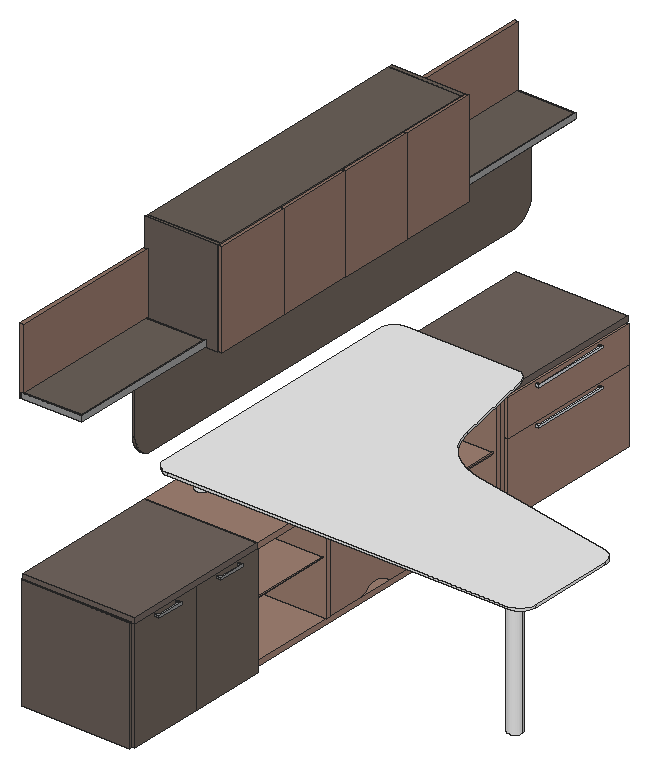
Revit family "T100103", category Furniture, Revit 2022
Family settings
  OmniClass Number = 23.40.20.00
  OmniClass Title = General Furniture and Specialties
  Work Plane-Based = No
  Always vertical = Yes
  Cut with Voids When Loaded = No
  Render Appearance Source = Family Geometry
  Shared = No
  Room Calculation Point = No
Parameters
  URL = "https://ofs.com/"
  Model = "T200054\r\nT200054\r\nT200054\r\nT200054"
  Manufacturer = "OFS"
  Description = "OFS Typical T200054"
  Default Elevation = 0"
  Catalog = "https://ofs.com/typical/t200054"
  Authoring Version = "Autodesk Revit Architecture 2015"
  Assembly Code = "E2020400"
Reference planes (in)
  plane 1 "Center (Front/Back)": y = 0
  plane 2: z = 0
  plane 3 "Center (Left/Right)": x = 0
Dimensions and locks (in)
  aligned and locked: level to plane 2
Nested families (in)
  nested 1: "OFS STAKS HEIGHT ADJUSTABLE SWEEP TOP DESK 74x60 Top 22D Cabinet" at (-24, 0, 0) x (0, 1, 0) z (0, 0, 1), type "HA Sweep Top Desk 74x60 Left w 22D Cabinet"
    with Worksurface Height 27", Right Column no, Right 4H4 no, Leg Caps Material OFS STAKS Leg Caps Material, Left Column yes, Left 4H4 no, H4H Height Adjustable Panel Base Option yes, Columns Finish OFS STAKS Columns Material, Chassis Finish OFS STAKS Veneer Board Material
  nested 2: "OFS STAKS Rectangular Worksurface 22 Depth Long Grain" at (-38.83365, 22.44502, -6) x (0, 1, 0) z (0, 0, 1), type "Rectangular Worksurface 30" Width"
  nested 3: "OFS STAKS Rectangular Worksurface 22 Depth Long Grain" at (-38.83365, -22.32002, -6) x (0, -1, 0) z (0, 0, 1), type "Rectangular Worksurface 30" Width"
  nested 4: "STAKS LOW HEIGHT DOOR CABINET - NO RISER SUPPORT" at (-16.99965, -23.89789, 0) x (0, -1, 0) z (0, 0, 1), type "STAKS LOW HEIGHT DOOR CABINET - NO RISER SUPPORT 30 x 22"
  nested 5: "OFS STAKS File Pedestal No Riser Support 30 Width" at (-38.83365, 25.44327, 0) x (0, 1, 0) z (0, 0, 1), type "Low Height Tray/File Pedestal No Riser Support 16.375" Depth"
    with Depth 22"
  nested 6: "STAKS WALLMOUNT ORGANIZER WITH DOORS Four Doors" at (-38.07585, -27.05499, 0.625) x (0, 1, 0) z (0, 0, 1), type "STAKS WALLMOUNT ORGANIZER WITH DOORS Four Doors 60in W"
    with Height Above Floor 71 1/2", 2D Symbol Lines yes
  nested 7: "STAKS TRANSACTION COUNTER 30in" at (-38.26334, 17.94502, 25.125) x (0, 1, 0) z (0, 0, 1), type "STAKS TRANSACTION COUNTER 30in"
  nested 8: "STAKS TRANSACTION COUNTER 30in" at (-38.26334, -17.94502, 25.125) x (0, -1, 0) z (0, 0, 1), type "STAKS TRANSACTION COUNTER 30in"
  nested 9: "STAKS FABRIC TACKBOARD WITH ROUNDED CORNERS FOR SPINE OR DIVIDER WALL" at (-38.70074, -40.58624, 7.625) x (0, 1, 0) z (0, 0, 1), type "STAKS FABRIC TACKBOARD WITH ROUNDED CORNERS FOR SPINE OR DIVIDER WALL 18H x 74-96W"
    with Height Above Floor 41 1/2", Width 96"
Definition of nested family "OFS STAKS HEIGHT ADJUSTABLE SWEEP TOP DESK 74x60 Top 22D Cabinet"
  Parameters (values of type "HA Sweep Top Desk 74x60 Right w 22D Cabinet")
    Worksurface Finish = none
    Width = 60"
    URL = "https://ofs.com/"
    Shelves Finish = none
    Right Column [instance] = no
    Right 4H4 [instance] = yes
    Right = yes
    Leg Caps Material [instance] = none
    Left Column [instance] = no
    Left 4H4 [instance] = no
    Left = no
    H4H Height Adjustable Panel Base Option [instance] = yes
    Depth = 74"
    Model = "6-7460HASWTR"
    Manufacturer = "OFS"
    Height = 1 3/16"
    Description = "OFS STAKS HEIGHT ADJUSTABLE SWEEP TOP DESK Right Sided, 60\"W x 22\"D Low Height Cabinet, 72\"W x 58\"D Worksurface"
    Default Elevation = 0"
    Copyright © = "©OFS 2021"
    Columns Finish [instance] = none
    Chassis Finish [instance] = none
    Catalog = "https://ofs.com/products/casegoods/private-office/staks"
    Worksurface Height [instance] = 27"
    Cabinet Storage Approach = none
    Authoring Version = "Autodesk Revit Architecture 2015"
    Assembly Code = "E2020200"
  Types (3): name | Right 4H4 | Right | Left 4H4 | Left | Model | Description
    (no name) | yes | yes | no | no | "6-7460HASWTR" | "OFS STAKS HEIGHT ADJUSTABLE SWEEP TOP DESK Right Sided, 60\"W x 22\"D Low Height Cabinet, 72\"W x 58\"D Worksurface"
    HA Sweep Top Desk 74x60 Left w 22D Cabinet | no | no | yes | yes | "6-7460HASWTL" | "OFS STAKS HEIGHT ADJUSTABLE SWEEP TOP DESK Left Sided, 60\"W x 22\"D Low Height Cabinet, 72\"W x 58\"D Worksurface"
    HA Sweep Top Desk 74x60 Right w 22D Cabinet | yes | yes | no | no | "6-7460HASWTR" | "OFS STAKS HEIGHT ADJUSTABLE SWEEP TOP DESK Right Sided, 60\"W x 22\"D Low Height Cabinet, 72\"W x 58\"D Worksurface"
  Reference planes (in)
    plane 1 "Back End": y = 13
    plane 2: z = 0
    plane 3 "Center Left/Right": x = 0
    plane 4 "Left End": x = -30
    plane 5 "Front End": y = -61
    plane 6 "Right End": x = 30
    plane 7 "Height Top": z = 28.1875
    plane 8: z = 27
    plane 9 "Center Front/Back": y = -24
    plane 10: z = 24.625
    plane 11: z = 22.25
    plane 12: z = 26.875
  Forms (in)
    Extrusion 1, solid, material <- "Columns Finish", visible <- "Right"
      sketch origin (-24, -25.75, 0) x (0, 1, 0) y (-1, 0, 0)
        loop
          circle (-24.4997, -43.08789) r 1.125
      from 24.625 to 26.875
    Extrusion 2, solid, material <- "Columns Finish", visible <- "Right"
      sketch origin (-24, -25.75, 0) x (0, 1, 0) y (-1, 0, 0)
        loop
          circle (-24.4997, -43.08789) r 1.25
      from 22.25 to 24.625
    Extrusion 3, solid, material <- "Columns Finish", visible <- "Right Column"
      sketch origin (-24, -25.75, 0) x (0, 1, 0) y (-1, 0, 0)
        loop
          circle (-24.4997, -43.08789) r 1.375
      from 0 to 22.25
    Extrusion 4, solid, material <- "Columns Finish"
      sketch origin (-24, -19.75, 0) x (0, 1, 0) y (-1, 0, 0)
        loop
          line (24, -44) -> (24, -50) -> (30, -50) -> (30, -44) -> (24, -44)
        loop
          line (24, -4) -> (30, -4) -> (30, 2) -> (24, 2) -> (24, -4)
      from 26.875 to 27
    Extrusion 5, solid, material <- "Columns Finish"
      sketch origin (-21.08789, 26.75266, 0) x (0, 1, 0) y (-1, 0, 0)
        loop
          circle (-18.4997, -43.08789) r 1.125
      from 24.625 to 26.875
    Extrusion 6, solid, material <- "Columns Finish"
      sketch origin (-21.08789, 26.75266, 0) x (0, 1, 0) y (-1, 0, 0)
        loop
          circle (-18.4997, -43.08789) r 1.25
      from 22.25 to 24.625
    Extrusion 7, solid, material <- "Columns Finish"
      sketch origin (-21.08789, 26.75266, 0) x (0, 1, 0) y (-1, 0, 0)
        loop
          circle (-18.4997, -43.08789) r 1.375
      from 2.375 to 22.25
    Extrusion 8, solid, material <- "Columns Finish"
      sketch origin (-53.08789, 26.75266, 0) x (0, 1, 0) y (-1, 0, 0)
        loop
          circle (-18.4997, -31.08789) r 1.125
      from 24.625 to 26.875
    Extrusion 9, solid, material <- "Columns Finish"
      sketch origin (-53.08789, 26.75266, 0) x (0, 1, 0) y (-1, 0, 0)
        loop
          circle (-18.4997, -31.08789) r 1.25
      from 22.25 to 24.625
    Extrusion 10, solid, material <- "Columns Finish"
      sketch origin (-53.08789, 26.75266, 0) x (0, 1, 0) y (-1, 0, 0)
        loop
          circle (-18.4997, -31.08789) r 1.375
      from 2.375 to 22.25
    Extrusion 11, solid, material <- "Columns Finish", visible <- "Right"
      sketch origin (-24, -25.75, 0) x (0, 1, 0) y (-1, 0, 0)
        loop
          line (-26.4997, -40.08789) -> (-26.4997, -46.08789) -> (-20.4997, -46.08789) -> (-20.4997, -40.08789) -> (-26.4997, -40.08789)
      from 26.875 to 27
    Extrusion 12, solid, material <- "Columns Finish", visible <- "Left"
      sketch origin (24, -25.75, 0) x (0, 1, 0) y (-1, 0, 0)
        loop
          circle (-24.4997, 43.08789) r 1.125
      from 24.625 to 26.875
    Extrusion 13, solid, material <- "Columns Finish", visible <- "Left"
      sketch origin (24, -25.75, 0) x (0, 1, 0) y (-1, 0, 0)
        loop
          circle (-24.4997, 43.08789) r 1.25
      from 22.25 to 24.625
    Extrusion 14, solid, material <- "Columns Finish", visible <- "Left Column"
      sketch origin (24, -25.75, 0) x (0, 1, 0) y (-1, 0, 0)
        loop
          circle (-24.4997, 43.08789) r 1.375
      from 0 to 22.25
    Extrusion 15, solid, material <- "Columns Finish", visible <- "Left"
      sketch origin (24, -25.75, 0) x (0, 1, 0) y (-1, 0, 0)
        loop
          line (-26.4997, 40.08789) -> (-20.4997, 40.08789) -> (-20.4997, 46.08789) -> (-26.4997, 46.08789) -> (-26.4997, 40.08789)
      from 26.875 to 27
  Dimensions and locks (in)
    "Height": plane 7 "Height Top" to plane 8
    "Worksurface Height": plane 8 to level
    "Depth": plane 5 "Front End" to plane 1 "Back End"
    equal spacing: plane 4 "Left End", plane 3 "Center Left/Right", plane 6 "Right End"
    "Width": plane 4 "Left End" to plane 6 "Right End"
    equal spacing: plane 5 "Front End", plane 9 "Center Front/Back", plane 1 "Back End"
    locked: plane 11 to level at 22.25
    equal spacing: plane 8, plane 10, plane 11
    locked: plane 8 to plane 12 at 0.125
    aligned and locked: level to plane 2
    aligned and locked: plane 7 "Height Top" to nested 2
    aligned and locked: plane 8 to Extrusion 15
    aligned and locked: Extrusion 4 to plane 8
    aligned and locked: Extrusion 11 to plane 8
    aligned and locked: plane 12 to Extrusion 11
    aligned and locked: Extrusion 4 to plane 12
    aligned and locked: Extrusion 15 to plane 12
    aligned and locked: plane 12 to Extrusion 12
    aligned and locked: plane 12 to Extrusion 8
    aligned and locked: Extrusion 1 to plane 12
    aligned and locked: Extrusion 5 to plane 12
    aligned and locked: Extrusion 2 to plane 10
    aligned and locked: plane 10 to Extrusion 1
    aligned and locked: Extrusion 6 to plane 10
    aligned and locked: plane 10 to Extrusion 5
    aligned and locked: plane 10 to Extrusion 13
    aligned and locked: Extrusion 12 to plane 10
    aligned and locked: plane 10 to Extrusion 9
    aligned and locked: Extrusion 8 to plane 10
    aligned and locked: nested 5 to plane 7 "Height Top"
  Automatic sketch dimensions
    plane 5 "Front End" to Extrusion 1 sketch curve = 10.7503"
    plane 6 "Right End" to Extrusion 1 sketch curve = 10.91211"
    Extrusion 2 sketch curve to Extrusion 2 sketch curve = 0"  (x2)
    plane 5 "Front End" to Extrusion 2 sketch curve = 10.7503"
    plane 6 "Right End" to Extrusion 2 sketch curve = 10.91211"
    Extrusion 2 sketch curve to Extrusion 2 sketch curve = 1 1/4"
    Extrusion 3 sketch curve to Extrusion 3 sketch curve = 0"  (x2)
    plane 5 "Front End" to Extrusion 3 sketch curve = 10.7503"
    plane 6 "Right End" to Extrusion 3 sketch curve = 10.91211"
    Extrusion 3 sketch curve to Extrusion 3 sketch curve = 1 3/8"
    plane 1 "Back End" to Extrusion 4 sketch curve = 8 3/4"  (x2)
    plane 4 "Left End" to Extrusion 4 sketch curve = 4"
    plane 1 "Back End" to Extrusion 4 sketch curve = 2 3/4"  (x2)
    Extrusion 4 sketch curve to Extrusion 4 sketch curve = 6"
    plane 6 "Right End" to Extrusion 4 sketch curve = 10"
    plane 6 "Right End" to Extrusion 4 sketch curve = 4"
    plane 1 "Back End" to Extrusion 5 sketch curve = 4.74705"
    plane 6 "Right End" to Extrusion 5 sketch curve = 8"
    Extrusion 6 sketch curve to Extrusion 6 sketch curve = 0"  (x2)
    plane 1 "Back End" to Extrusion 6 sketch curve = 4.74705"
    plane 6 "Right End" to Extrusion 6 sketch curve = 8"
    Extrusion 6 sketch curve to Extrusion 6 sketch curve = 1 1/4"
    Extrusion 7 sketch curve to Extrusion 7 sketch curve = 0"  (x2)
    plane 1 "Back End" to Extrusion 7 sketch curve = 4.74705"
    plane 6 "Right End" to Extrusion 7 sketch curve = 8"
    Extrusion 7 sketch curve to Extrusion 7 sketch curve = 1 3/8"
    plane 1 "Back End" to Extrusion 8 sketch curve = 4.74705"
    plane 4 "Left End" to Extrusion 8 sketch curve = 8"
    Extrusion 9 sketch curve to Extrusion 9 sketch curve = 0"  (x2)
    plane 1 "Back End" to Extrusion 9 sketch curve = 4.74705"
    plane 4 "Left End" to Extrusion 9 sketch curve = 8"
    Extrusion 9 sketch curve to Extrusion 9 sketch curve = 1 1/4"
    Extrusion 10 sketch curve to Extrusion 10 sketch curve = 0"  (x2)
    plane 1 "Back End" to Extrusion 10 sketch curve = 4.74705"
    plane 4 "Left End" to Extrusion 10 sketch curve = 8"
    Extrusion 10 sketch curve to Extrusion 10 sketch curve = 1 3/8"
    plane 5 "Front End" to Extrusion 11 sketch curve = 8.7503"
    Extrusion 11 sketch curve to Extrusion 11 sketch curve = 6"  (x2)
    plane 6 "Right End" to Extrusion 11 sketch curve = 7.91211"
    Extrusion 12 sketch curve to plane 5 "Front End" = 10.7503"
    Extrusion 12 sketch curve to plane 4 "Left End" = 10.91211"
    Extrusion 13 sketch curve to Extrusion 13 sketch curve = 0"  (x2)
    Extrusion 13 sketch curve to plane 5 "Front End" = 10.7503"
    Extrusion 13 sketch curve to plane 4 "Left End" = 10.91211"
    Extrusion 13 sketch curve to Extrusion 13 sketch curve = 1 1/4"
    Extrusion 14 sketch curve to Extrusion 14 sketch curve = 0"  (x2)
    Extrusion 14 sketch curve to plane 5 "Front End" = 10.7503"
    Extrusion 14 sketch curve to plane 4 "Left End" = 10.91211"
    Extrusion 14 sketch curve to Extrusion 14 sketch curve = 1 3/8"
    Extrusion 15 sketch curve to plane 5 "Front End" = 8.7503"
    Extrusion 15 sketch curve to Extrusion 15 sketch curve = 6"  (x2)
    Extrusion 15 sketch curve to plane 4 "Left End" = 7.91211"
    radius of Extrusion 1 sketch curve = 1 1/8"
    radius of Extrusion 5 sketch curve = 1 1/8"
    radius of Extrusion 8 sketch curve = 1 1/8"
    radius of Extrusion 12 sketch curve = 1 1/8"
  Nested families (in)
    nested 1: "Aptos Modular Low Height Cabinets" at (0, 13, 0), Chassis Finish <- "Chassis Finish", Leg Caps Material <- "Leg Caps Material", Column Finish <- "Columns Finish", Worksurface Approach Finish <- "Worksurface Finish", Shelf Finish <- "Shelves Finish", Cabinet Storage Approach Finish <- "Cabinet Storage Approach", type "APTOS HEIGHT ADJUSTABLE SWEEP TOP DESK"
      with Worksurface Approach Finish none, Shelf Finish none, Leg Caps Material none, Column Finish none, Chassis Finish none, Cabinet Storage Approach Finish none, Width 60"
    nested 2: "APTOS SWEEP ELEVATED RUNOFF WORKSURFACE RIGHT - WOOD TOP for 18D Cabinets" at (-24, -23.7503, -1.3125) x (0, 1, 0) z (0, 0, 1), visible <- "Right", type "APTOS SWEEP ELEVATED RUNOFF WORKSURFACE 66" x 52" RIGHT OPEN END - WOOD TOP"
    nested 3: "H4H" at (-19, -53.25, 0) x (-1, 0, 0) z (0, 0, 1), visible <- "Left 4H4", Column Material <- "Columns Finish", Board Material <- "Chassis Finish", Leg Caps Material <- "Leg Caps Material", type "H4H"
      with Leg Caps Material none, Column Material none, Board Material none
    nested 4: "H4H" at (19, -53.25, 0), visible <- "Right 4H4", Column Material <- "Columns Finish", Board Material <- "Chassis Finish", Leg Caps Material <- "Leg Caps Material", type "H4H"
      with Leg Caps Material none, Column Material none, Board Material none
    nested 5: "APTOS SWEEP ELEVATED RUNOFF WORKSURFACE RIGHT - WOOD TOP for 18D Cabinets" at (24, -23.7503, -1.3125) x (0, 1, 0) z (0, 0, 1), visible <- "Left", type "APTOS SWEEP ELEVATED RUNOFF WORKSURFACE 66" x 52" RIGHT OPEN END - WOOD TOP"
  Definition of nested family "Aptos Modular Low Height Cabinets"
    Parameters (values of type "APTOS HEIGHT ADJUSTABLE SWEEP TOP DESK")
      Width = 54"
      URL = "http://ofsbrands.com"
      Top Board, Back Offset = 0"
      Shelf Finish [instance] = none
      Shelf Height = 10 9/16"
      Default Elevation = 0"
      Cabinet Storage Approach Finish [instance] = none
      Drawer Width = 14 3/4"
      Drawer Gap = 7/8"
      Worksurface Approach Finish [instance] = none
      Column Finish [instance] = none
      Box Width = 22 3/4"
      Bottom Drawer Height = 12"
      Board Thick Door = 1"
      Depth = 22"
      Chassis Finish [instance] = none
      Model = ""
      Manufacturer = "OFS"
      Leg Caps Material [instance] = none
      Leg Offset = 2"
      Board Thick Internal = 3/4"
      Height = 22 7/8"
      Description = "OFS BRANDS OFS APTOS"
      Copyright © = "© OFS BRANDS 2017"
      Catalog = "APTOS http://ofsbrands.com/products/casegoods/private-office/aptos"
      Bottom Board Offset = 1/2"
      Board Thick Top and Bot = 1"
      Board Thick Shelfs = 3/4"
      Board Thick Sides = 3/4"
      Board Thick Front = 3/4"
      Board Thick Back = 3/4"
      Authoring Version = "Autodesk Revit Architecture 2013"
      Assembly Code = "E2020200"
    Reference planes (in)
      plane 1 "Center Front/Back": y = 0
      plane 2: z = 0
      plane 3 "Center Left/Right": x = 0
      plane 4 "Left End": x = -27
      plane 5 "Front End": y = -21
      plane 6 "Right End": x = 27
      plane 7 "Back End": y = 0
      plane 8 "Height Top": z = 22.875
      plane 9: x = -26.25
      plane 10: x = 26.25
      plane 11: z = 11.3125
      plane 12: z = 12.0625
      plane 13: z = 21.875
      plane 14: z = 0.5
      plane 15: z = 1.5
      plane 16: y = -20.25
      plane 17: y = -2
      plane 18: y = -2
      plane 19: y = -19
      plane 20: y = -19
      plane 21: x = -25
      plane 22: x = 25
      plane 23: x = 25
      plane 24: x = -25
      plane 25: x = -12.125
      plane 26: x = -11.375
      plane 27: y = -22
      plane 28: y = -0.75
      plane 29: x = 12.125
      plane 30: x = 11.375
      plane 31: y = 0
      plane 32: y = -2.75
    Forms (in)
      Extrusion 1, solid, material <- "Chassis Finish"
        sketch origin (0, 0, 0) x (1, 0, 0) y (0, 1, 0)
          loop
            line (-27, 0) -> (-27, -21) -> (-26.25, -21) -> (-26.25, 0) -> (-27, 0)
        from 0.5 to 21.875
      Extrusion 2, solid, material <- "Chassis Finish"
        sketch origin (0, 0, 0) x (-1, 0, 0) y (0, -1, 0)
          loop
            line (-27, 0) -> (-26.25, 0) -> (-26.25, 21) -> (-27, 21) -> (-27, 0)
        from 0.5 to 21.875
      Extrusion 3, solid, material <- "Chassis Finish"
        sketch origin (0, 0, 0) x (1, 0, 0) y (0, 1, 0)
          loop
            line (-26.25, 0) -> (-26.25, -21) -> (26.25, -21) -> (26.25, 0) -> (-26.25, 0)
        from 0.5 to 1.5
      Extrusion 4, solid, material <- "Chassis Finish"
        sketch origin (0, 0, 0) x (1, 0, 0) y (0, 1, 0)
          loop
            line (-27, 0) -> (-27, -22) -> (27, -22) -> (27, 0) -> (-27, 0)
        from 21.875 to 22.875
      Revolve 5, solid, material <- "Leg Caps Material"
        sketch origin (0, -2, 0) x (-1, 0, 0) y (0, 0, 1)
          loop
            line (24, 0.28743) -> (24.5, 0.28743)
            arc (24.5, 0.28743) -> (24.35629, 0.14371) -> (24.5, 0) r 0.14371
            line (24.5, 0) -> (25, 0) -> (25, 0.5) -> (24, 0.5) -> (24, 0.28743)
          axis (25, 0.5) -> (25, 0)
        angle from 0 to 360
      Revolve 6, solid, material <- "Leg Caps Material"
        sketch origin (0, -2, 0) x (1, 0, 0) y (0, 0, -1)
          loop
            line (24, -0.28743) -> (24, -0.5) -> (25, -0.5) -> (25, 0) -> (24.5, 0)
            arc (24.5, 0) -> (24.35629, -0.14371) -> (24.5, -0.28743) r 0.14371
            line (24.5, -0.28743) -> (24, -0.28743)
          axis (25, -0.5) -> (25, 0)
        angle from 0 to 360
      Revolve 7, solid, material <- "Leg Caps Material"
        sketch origin (0, -19, 0) x (-1, 0, 0) y (0, 0, -1)
          loop
            line (24, -0.28743) -> (24, -0.5) -> (25, -0.5) -> (25, 0) -> (24.5, 0)
            arc (24.5, 0) -> (24.35629, -0.14371) -> (24.5, -0.28743) r 0.14371
            line (24.5, -0.28743) -> (24, -0.28743)
          axis (25, -0.5) -> (25, 0)
        angle from 0 to 360
      Revolve 8, solid, material <- "Leg Caps Material"
        sketch origin (0, -19, 0) x (1, 0, 0) y (0, 0, 1)
          loop
            line (24, 0.28743) -> (24.5, 0.28743)
            arc (24.5, 0.28743) -> (24.35629, 0.14371) -> (24.5, 0) r 0.14371
            line (24.5, 0) -> (25, 0) -> (25, 0.5) -> (24, 0.5) -> (24, 0.28743)
          axis (25, 0.5) -> (25, 0)
        angle from 0 to 360
      Extrusion 9, solid, material <- "Chassis Finish"
        sketch origin (0, 0, 0) x (1, 0, 0) y (0, 1, 0)
          loop
            line (-12.125, -0.75) -> (-12.125, -21) -> (-11.375, -21) -> (-11.375, -0.75) -> (-12.125, -0.75)
        from 1.5 to 21.875
      Revolve 10, solid, material <- "Leg Caps Material"
        sketch origin (-28, -2, 0) x (1, 0, 0) y (0, 0, -1)
          loop
            line (27, -0.28743) -> (27, -0.5) -> (28, -0.5) -> (28, 0) -> (27.5, 0)
            arc (27.5, 0) -> (27.35629, -0.14371) -> (27.5, -0.28743) r 0.14371
            line (27.5, -0.28743) -> (27, -0.28743)
          axis (28, -0.5) -> (28, 0)
        angle from 0 to 360
      Revolve 11, solid, material <- "Leg Caps Material"
        sketch origin (-28, -19, 0) x (1, 0, 0) y (0, 0, 1)
          loop
            line (27, 0.28743) -> (27.5, 0.28743)
            arc (27.5, 0.28743) -> (27.35629, 0.14371) -> (27.5, 0) r 0.14371
            line (27.5, 0) -> (28, 0) -> (28, 0.5) -> (27, 0.5) -> (27, 0.28743)
          axis (28, 0.5) -> (28, 0)
        angle from 0 to 360
      Extrusion 12, solid, material <- "Chassis Finish"
        sketch origin (0, 0, 0) x (-1, 0, 0) y (0, -1, 0)
          loop
            line (-12.125, 0.75) -> (-11.375, 0.75) -> (-11.375, 21) -> (-12.125, 21) -> (-12.125, 0.75)
        from 1.5 to 21.875
      Extrusion 13, solid, material <- "Chassis Finish"
        sketch origin (0, 13.5, 0) x (1, 0, 0) y (0, 1, 0)
          loop
            line (11.375, -15.5) -> (-11.375, -15.5) -> (-11.375, -16.25) -> (11.375, -16.25) -> (11.375, -15.5)
        from 1.5 to 21.875
      Extrusion 14, solid, material <- "Chassis Finish"
        sketch origin (-0.25, 27.875, 0) x (-1, 0, 0) y (0, -1, 0)
          loop
            line (-26.5, 27.875) -> (26, 27.875) -> (26, 28.625) -> (-26.5, 28.625) -> (-26.5, 27.875)
        from 1.5 to 21.875
      Extrusion 15, solid, material <- "Shelf Finish"
        sketch origin (-21, 0, 0) x (0, 1, 0) y (0, 0, -1)
          loop
            line (-2.75, -12.0625) -> (-2.75, -11.3125) -> (-19.75, -11.3125) -> (-20.25, -11.8125) -> (-20.25, -12.0625) -> (-2.75, -12.0625)
        from -8.875 to 5.25
      Extrusion 16, solid, material <- "Shelf Finish"
        sketch origin (21, 0, 0) x (0, 1, 0) y (0, 0, 1)
          loop
            line (-2.75, 12.0625) -> (-20.25, 12.0625) -> (-20.25, 11.8125) -> (-19.75, 11.3125) -> (-2.75, 11.3125) -> (-2.75, 12.0625)
        from -8.875 to 5.25
      Extrusion 17, solid, material <- "Cabinet Storage Approach Finish"
        sketch origin (0, 0, 0) x (1, 0, 0) y (0, 0, 1)
          loop
            line (-11.375, 21.875) -> (-11.375, 1.5) -> (-4.67423, 1.5)
            arc (-4.67423, 1.5) -> (-3.42989, 1.69847) -> (-2.30903, 2.27419) r 4
            arc (-2.30903, 2.27419) -> (0, 3.03) -> (2.30903, 2.27419) r 3.905
            arc (2.30903, 2.27419) -> (3.42989, 1.69847) -> (4.67423, 1.5) r 4
            line (4.67423, 1.5) -> (11.375, 1.5) -> (11.375, 21.875) -> (4.67423, 21.875)
            arc (4.67423, 21.875) -> (3.42989, 21.67653) -> (2.30903, 21.10081) r 4
            arc (2.30903, 21.10081) -> (0, 20.345) -> (-2.30903, 21.10081) r 3.905
            arc (-2.30903, 21.10081) -> (-3.42989, 21.67653) -> (-4.67423, 21.875) r 4
            line (-4.67423, 21.875) -> (-11.375, 21.875)
        from 20.25 to 21
    Dimensions and locks (in)
      equal spacing: plane 4 "Left End", plane 3 "Center Left/Right", plane 6 "Right End"
      "Width": plane 4 "Left End" to plane 6 "Right End"
      "Height": plane 8 "Height Top" to level
      "Board Thick Sides": plane 4 "Left End" to plane 9
      "Board Thick Sides": plane 10 to plane 6 "Right End"
      "Board Thick Top and Bot": plane 8 "Height Top" to plane 13
      "Board Thick Shelfs": plane 12 to plane 11
      "Board Thick Top and Bot": plane 15 to plane 14
      "Bottom Board Offset": plane 14 to level
      "Board Thick Front": plane 16 to plane 5 "Front End"
      "Leg Offset": plane 19 to plane 5 "Front End"
      "Leg Offset": plane 20 to plane 5 "Front End"
      "Leg Offset": plane 17 to plane 7 "Back End"
      "Leg Offset": plane 18 to plane 7 "Back End"
      "Leg Offset": plane 4 "Left End" to plane 21
      "Leg Offset": plane 22 to plane 6 "Right End"
      "Leg Offset": plane 23 to plane 6 "Right End"
      "Leg Offset": plane 4 "Left End" to plane 24
      "Board Thick Internal": plane 25 to plane 26
      "Board Thick Door": plane 27 to plane 5 "Front End"
      "Shelf Height": plane 12 to plane 15
      "Board Thick Back": plane 28 to plane 1 "Center Front/Back"
      "Depth": plane 27 to plane 1 "Center Front/Back"
      "Board Thick Internal": plane 29 to plane 30
      equal spacing: plane 26, plane 3 "Center Left/Right", plane 30
      "Box Width": plane 26 to plane 30
      "Top Board, Back Offset": plane 31 to plane 7 "Back End"
      "Board Thick Internal": plane 18 to plane 32
      aligned and locked: level to plane 2
      aligned and locked: plane 5 "Front End" to Extrusion 1 sketch curve
      aligned and locked: plane 4 "Left End" to Extrusion 1 sketch curve
      aligned and locked: Extrusion 1 sketch curve to plane 9
      aligned and locked: Extrusion 2 to plane 5 "Front End"
      aligned and locked: plane 10 to Extrusion 2
      aligned and locked: Extrusion 2 to plane 6 "Right End"
      aligned and locked: plane 14 to Extrusion 2
      aligned and locked: plane 10 to Extrusion 3 sketch curve
      aligned and locked: Extrusion 3 sketch curve to plane 9
      aligned and locked: plane 18 to Revolve 5
      aligned and locked: Revolve 6 to plane 17
      aligned and locked: plane 20 to Revolve 8
      aligned and locked: Revolve 7 to plane 19
      aligned and locked: Extrusion 9 sketch curve to plane 25
      aligned and locked: plane 26 to Extrusion 9 sketch curve
      aligned and locked: Extrusion 9 to plane 5 "Front End"
      aligned and locked: Extrusion 3 to plane 15
      aligned and locked: Extrusion 3 to plane 14
      aligned and locked: Extrusion 9 to plane 15
      aligned and locked: plane 13 to Extrusion 9
      aligned and locked: Extrusion 2 to plane 13
      aligned and locked: Extrusion 4 to plane 27
      aligned and locked: Extrusion 4 to plane 6 "Right End"
      aligned and locked: Extrusion 4 to plane 4 "Left End"
      aligned and locked: plane 8 "Height Top" to Extrusion 4
      aligned and locked: Extrusion 4 to plane 13
      aligned and locked: Extrusion 1 to plane 1 "Center Front/Back"
      aligned and locked: Extrusion 2 to plane 1 "Center Front/Back"
      aligned and locked: Extrusion 3 to plane 1 "Center Front/Back"
      aligned and locked: plane 13 to Extrusion 1
      aligned and locked: Extrusion 1 to plane 14
      aligned and locked: plane 17 to Revolve 10
      aligned and locked: Revolve 11 to plane 20
      aligned and locked: Extrusion 12 sketch curve to plane 29
      aligned and locked: Extrusion 12 sketch curve to plane 30
      aligned and locked: Extrusion 4 to plane 31
      aligned and locked: plane 30 to Extrusion 13
      aligned and locked: plane 26 to Extrusion 13
      aligned and locked: Extrusion 13 to plane 18
      aligned and locked: Extrusion 13 to plane 32
      aligned and locked: plane 13 to Extrusion 13
      aligned and locked: Extrusion 13 to plane 15
      aligned and locked: Extrusion 14 to plane 10
      aligned and locked: Extrusion 12 to plane 15
      aligned and locked: plane 13 to Extrusion 12
      aligned and locked: Extrusion 15 to plane 9
      aligned and locked: plane 25 to Extrusion 15
      aligned and locked: plane 29 to Extrusion 16
      aligned and locked: Extrusion 16 to plane 10
      aligned and locked: Extrusion 14 to plane 9
      aligned and locked: Extrusion 14 to plane 13
      aligned and locked: Extrusion 14 to plane 15
      aligned and locked: plane 28 to Extrusion 9
      aligned and locked: plane 28 to Extrusion 12
      aligned and locked: plane 26 to Extrusion 17 sketch curve
      aligned and locked: Extrusion 17 sketch curve to plane 30
      aligned and locked: Extrusion 17 sketch curve to plane 13
      aligned and locked: Extrusion 17 sketch curve to plane 15
      aligned and locked: Extrusion 17 to plane 5 "Front End"
      aligned and locked: Extrusion 17 to plane 16
    Automatic sketch dimensions
      plane 1 "Center Front/Back" to Extrusion 1 sketch curve = 0"
      Extrusion 2 sketch curve to plane 5 "Front End" = 0"
      Extrusion 2 sketch curve to plane 6 "Right End" = 0"
      Extrusion 2 sketch curve to plane 10 = 0"
      plane 1 "Center Front/Back" to Extrusion 2 sketch curve = 0"
      Extrusion 3 sketch curve to plane 5 "Front End" = 0"
      plane 1 "Center Front/Back" to Extrusion 3 sketch curve = 0"
      Extrusion 4 sketch curve to plane 4 "Left End" = 0"
      Extrusion 4 sketch curve to plane 6 "Right End" = 0"
      Extrusion 4 sketch curve to plane 27 = 0"
      plane 31 to Extrusion 4 sketch curve = 0"
      Revolve 5 sketch curve to plane 14 = 0"
      Revolve 5 sketch curve to level = 0"
      plane 21 to Revolve 5 sketch curve = 0"  (x2)
      Revolve 5 sketch curve to plane 21 = 1/2"
      Revolve 5 sketch curve to Revolve 5 sketch curve = 1/2"  (x2)
      level to Revolve 5 sketch curve = 0.14371"
      level to Revolve 5 sketch curve = 0.28743"
      Revolve 5 sketch curve to Revolve 5 sketch curve = 0"
      Revolve 5 sketch curve to plane 15 = 1/4"
      Revolve 6 sketch curve to plane 14 = 0"
      Revolve 6 sketch curve to level = 0"
      Revolve 6 sketch curve to plane 22 = 0"  (x2)
      Revolve 6 sketch curve to Revolve 6 sketch curve = 1/2"  (x3)
      level to Revolve 6 sketch curve = 0.28743"
      level to Revolve 6 sketch curve = 0.14371"
      Revolve 6 sketch curve to Revolve 6 sketch curve = 0"
      Revolve 6 sketch curve to plane 15 = 1/4"
      Revolve 7 sketch curve to plane 14 = 0"
      Revolve 7 sketch curve to level = 0"
      plane 21 to Revolve 7 sketch curve = 0"  (x2)
      Revolve 7 sketch curve to plane 21 = 1/2"
      Revolve 7 sketch curve to Revolve 7 sketch curve = 1/2"  (x2)
      level to Revolve 7 sketch curve = 0.28743"
      level to Revolve 7 sketch curve = 0.14371"
      Revolve 7 sketch curve to Revolve 7 sketch curve = 0"
      Revolve 7 sketch curve to plane 15 = 1/4"
      Revolve 8 sketch curve to plane 14 = 0"
      Revolve 8 sketch curve to level = 0"
      Revolve 8 sketch curve to plane 22 = 0"  (x2)
      Revolve 8 sketch curve to Revolve 8 sketch curve = 1/2"  (x3)
      level to Revolve 8 sketch curve = 0.14371"
      level to Revolve 8 sketch curve = 0.28743"
      Revolve 8 sketch curve to Revolve 8 sketch curve = 0"
      Revolve 8 sketch curve to plane 15 = 1/4"
      Extrusion 9 sketch curve to plane 5 "Front End" = 0"
      plane 1 "Center Front/Back" to Extrusion 9 sketch curve = 3/4"
      Revolve 10 sketch curve to plane 14 = 0"
      Revolve 10 sketch curve to level = 0"
      Revolve 10 sketch curve to plane 3 "Center Left/Right" = 0"  (x2)
      Revolve 10 sketch curve to Revolve 10 sketch curve = 1/2"  (x3)
      level to Revolve 10 sketch curve = 0.28743"
      level to Revolve 10 sketch curve = 0.14371"
      Revolve 10 sketch curve to Revolve 10 sketch curve = 0"
      Revolve 10 sketch curve to plane 15 = 1/4"
      Revolve 11 sketch curve to plane 14 = 0"
      Revolve 11 sketch curve to level = 0"
      Revolve 11 sketch curve to plane 3 "Center Left/Right" = 0"  (x2)
      Revolve 11 sketch curve to Revolve 11 sketch curve = 1/2"  (x3)
      level to Revolve 11 sketch curve = 0.14371"
      level to Revolve 11 sketch curve = 0.28743"
      Revolve 11 sketch curve to Revolve 11 sketch curve = 0"
      Revolve 11 sketch curve to plane 15 = 1/4"
      Extrusion 12 sketch curve to plane 5 "Front End" = 0"
      Extrusion 12 sketch curve to plane 1 "Center Front/Back" = 3/4"
      Extrusion 13 sketch curve to plane 17 = 0"
      Extrusion 13 sketch curve to plane 26 = 0"
      Extrusion 13 sketch curve to plane 30 = 0"
      plane 32 to Extrusion 13 sketch curve = 0"
      Extrusion 14 sketch curve to plane 10 = 0"
      Extrusion 14 sketch curve to plane 28 = 0"
      Extrusion 14 sketch curve to plane 29 = 38 3/8"
      plane 1 "Center Front/Back" to Extrusion 14 sketch curve = 0"
      Extrusion 15 sketch curve to plane 12 = 0"
      Extrusion 15 sketch curve to plane 16 = 0"
      Extrusion 15 sketch curve to plane 11 = 0"
      Extrusion 15 sketch curve to plane 32 = 0"
      Extrusion 15 sketch curve to plane 16 = 1/2"
      plane 11 to Extrusion 15 sketch curve = 1/2"
      Extrusion 16 sketch curve to plane 12 = 0"
      Extrusion 16 sketch curve to plane 16 = 0"
      Extrusion 16 sketch curve to plane 11 = 0"
      Extrusion 16 sketch curve to plane 32 = 0"
      Extrusion 16 sketch curve to plane 16 = 1/2"
      plane 11 to Extrusion 16 sketch curve = 1/2"
      Extrusion 17 sketch curve to plane 3 "Center Left/Right" = 0"  (x2)
      Extrusion 17 sketch curve to level = 7/8"
      Extrusion 17 sketch curve to Extrusion 17 sketch curve = 4"  (x4)
      plane 8 "Height Top" to Extrusion 17 sketch curve = 1 3/8"
      Extrusion 17 sketch curve to Extrusion 17 sketch curve = 0"  (x2)
      Extrusion 17 sketch curve to Extrusion 17 sketch curve = 2.3652"  (x4)
      Extrusion 17 sketch curve to plane 15 = 0"
      Extrusion 17 sketch curve to plane 13 = 0"
  Definition of nested family "APTOS SWEEP ELEVATED RUNOFF WORKSURFACE RIGHT - WOOD TOP for 18D Cabinets"
    Parameters (values of type "APTOS SWEEP ELEVATED RUNOFF WORKSURFACE 66" x 52" RIGHT OPEN END - WOOD TOP")
      Width = 70"
      URL = "http://ofsbrands.com"
      Table Material = none
      Depth = 52"
      Model = "34-6652SWTER"
      Manufacturer = "OFS"
      Height = 1 3/16"
      Description = "OFS BRANDS OFS APTOS SWEEP ELEVATED RUNOFF WORKSURFACE 66\" x 52\" RIGHT OPEN END - WOOD TOP, 1.1875\" thick Solid Surface Worksurface"
      Default Elevation = 0"
      Copyright © = "© OFS BRANDS 2017"
      Catalog = "APTOS http://ofsbrands.com/products/casegoods/private-office/aptos"
      Bottom Board Offset = 28 5/16"
      Authoring Version = "Autodesk Revit Architecture 2013"
      Assembly Code = "E2020200"
      34-6658SWTERC = yes
      34-6652SWTERC = no
      34-6646SWTERC = no
    Reference planes (in)
      plane 1 "Back End": y = 2
      plane 2: z = 0
      plane 3 "Center Left/Right": x = 0
      plane 4 "Left End": x = -35
      plane 5 "Front End": y = -50
      plane 6 "Right End": x = 35
      plane 7 "Height Top": z = 29.5
      plane 8: z = 28.3125
      plane 9 "Center Front/Back": y = -24
    Forms (in)
      Extrusion 1, solid, material <- "Table Material", visible <- "34-6646SWTERC", not visible
        sketch origin (0, -100, 0) x (1, 0, 0) y (0, 1, 0)
          loop
            arc (6.80757, -12.92304) -> (3.42015, -18.89464) -> (-2.68659, -22.03188) r 12
            line (-2.68659, -22.03188) -> (-30.54995, -27.2307)
            arc (-30.54995, -27.2307) -> (-32.30738, -28.26287) -> (-32.9997, -30.1798) r 3
            line (-32.9997, -30.1798) -> (-32.9997, -44.00011)
            arc (-32.9997, -44.00011) -> (-32.12102, -46.12143) -> (-29.9997, -47.00011) r 3
            line (-29.9997, -47.00011) -> (30, -47.00011)
            arc (30, -47.00011) -> (32.12132, -46.12143) -> (33, -44.00011) r 3
            line (33, -44.00011) -> (33, -3.99989)
            arc (33, -3.99989) -> (32.12132, -1.87857) -> (30, -0.99989) r 3
            line (30, -0.99989) -> (11.93633, -0.99989)
            arc (11.93633, -0.99989) -> (10.06759, -1.65301) -> (9.01253, -3.32799) r 3
            line (9.01253, -3.32799) -> (6.80757, -12.92304)
        from 28.3125 to 29.5
      Sweep 2, void, not visible
        path in 3D
          loop
            arc (33, -103.99989, 29.5) -> (32.12132, -101.87857, 29.5) -> (30, -100.99989, 29.5) r 3
            line (30, -100.99989, 29.5) -> (11.93633, -100.99989, 29.5)
            arc (11.93633, -100.99989, 29.5) -> (10.06759, -101.65301, 29.5) -> (9.01253, -103.32799, 29.5) r 3
            line (9.01253, -103.32799, 29.5) -> (6.80757, -112.92304, 29.5)
            arc (6.80757, -112.92304, 29.5) -> (3.42015, -118.89464, 29.5) -> (-2.68659, -122.03188, 29.5) r 12
            line (-2.68659, -122.03188, 29.5) -> (-30.54995, -127.2307, 29.5)
            arc (-30.54995, -127.2307, 29.5) -> (-32.30738, -128.26287, 29.5) -> (-32.9997, -130.1798, 29.5) r 3
            line (-32.9997, -130.1798, 29.5) -> (-32.9997, -144.00011, 29.5)
            arc (-32.9997, -144.00011, 29.5) -> (-32.12102, -146.12143, 29.5) -> (-29.9997, -147.00011, 29.5) r 3
            line (-29.9997, -147.00011, 29.5) -> (30, -147.00011, 29.5)
            arc (30, -147.00011, 29.5) -> (32.12132, -146.12143, 29.5) -> (33, -144.00011, 29.5) r 3
            line (33, -144.00011, 29.5) -> (33, -103.99989, 29.5)
        profile origin (33, -124, 29.5) x (-1, 0, 0) y (0, 0, 1)
          loop
            line (0, -1.1875) -> (2, -1.1875) -> (0, -0.4375) -> (0, -1.1875)
      Extrusion 3, solid, material <- "Table Material", visible <- "34-6652SWTERC", not visible
        sketch origin (0, 0, 0) x (-1, 0, 0) y (0, -1, 0)
          loop
            arc (-5.28656, 16.00453) -> (-1.93262, 21.87607) -> (4.0634, 25.00205) r 12
            line (4.0634, 25.00205) -> (30.58089, 30.23844)
            arc (30.58089, 30.23844) -> (32.31741, 31.27682) -> (32.9997, 33.1816) r 3
            line (32.9997, 33.1816) -> (32.9997, 47.00011)
            arc (32.9997, 47.00011) -> (32.12102, 49.12143) -> (29.9997, 50.00011) r 3
            line (29.9997, 50.00011) -> (-30, 50.00011)
            arc (-30, 50.00011) -> (-32.12132, 49.12143) -> (-33, 47.00011) r 3
            line (-33, 47.00011) -> (-33, 0.99989)
            arc (-33, 0.99989) -> (-32.12132, -1.12143) -> (-30, -2.00011) r 3
            line (-30, -2.00011) -> (-11.93684, -2.00011)
            arc (-11.93684, -2.00011) -> (-10.07692, -1.35398) -> (-9.01817, 0.3061) r 3
            line (-9.01817, 0.3061) -> (-5.28656, 16.00453)
        from 28.3125 to 29.5
      Sweep 4, void, not visible
        path in 3D
          loop
            arc (33, -0.99989, 29.5) -> (32.12132, 1.12143, 29.5) -> (30, 2.00011, 29.5) r 3
            line (30, 2.00011, 29.5) -> (11.93684, 2.00011, 29.5)
            arc (11.93684, 2.00011, 29.5) -> (10.07692, 1.35398, 29.5) -> (9.01817, -0.3061, 29.5) r 3
            line (9.01817, -0.3061, 29.5) -> (5.28656, -16.00453, 29.5)
            arc (5.28656, -16.00453, 29.5) -> (1.93262, -21.87607, 29.5) -> (-4.0634, -25.00205, 29.5) r 12
            line (-4.0634, -25.00205, 29.5) -> (-30.58089, -30.23844, 29.5)
            arc (-30.58089, -30.23844, 29.5) -> (-32.31741, -31.27682, 29.5) -> (-32.9997, -33.1816, 29.5) r 3
            line (-32.9997, -33.1816, 29.5) -> (-32.9997, -47.00011, 29.5)
            arc (-32.9997, -47.00011, 29.5) -> (-32.12102, -49.12143, 29.5) -> (-29.9997, -50.00011, 29.5) r 3
            line (-29.9997, -50.00011, 29.5) -> (30, -50.00011, 29.5)
            arc (30, -50.00011, 29.5) -> (32.12132, -49.12143, 29.5) -> (33, -47.00011, 29.5) r 3
            line (33, -47.00011, 29.5) -> (33, -0.99989, 29.5)
        profile origin (33, -24, 29.5) x (-1, 0, 0) y (0, 0, 1)
          loop
            line (0, -1.1875) -> (2, -1.1875) -> (0, -0.4375) -> (0, -1.1875)
      Extrusion 5, solid, material <- "Table Material", visible <- "34-6658SWTERC"
        sketch origin (0, 0, 0) x (1, 0, 0) y (0, 1, 0)
          loop
            arc (5.50702, -14.95211) -> (2.21717, -21.10294) -> (-3.9379, -24.38486) r 12
            line (-3.9379, -24.38486) -> (-33.58089, -30.23844)
            arc (-33.58089, -30.23844) -> (-35.31741, -31.27682) -> (-35.9997, -33.1816) r 3
            line (-35.9997, -33.1816) -> (-35.9997, -50.00011)
            arc (-35.9997, -50.00011) -> (-35.12102, -52.12143) -> (-32.9997, -53.00011) r 3
            line (-32.9997, -53.00011) -> (33, -53.00011)
            arc (33, -53.00011) -> (35.12132, -52.12143) -> (36, -50.00011) r 3
            line (36, -50.00011) -> (36, 2.00011)
            arc (36, 2.00011) -> (35.12132, 4.12143) -> (33, 5.00011) r 3
            line (33, 5.00011) -> (11.93598, 5.00011)
            arc (11.93598, 5.00011) -> (10.03268, 4.31905) -> (8.99356, 2.58509) r 3
            line (8.99356, 2.58509) -> (5.50702, -14.95211)
        from 28.3125 to 29.5
      Sweep 6, void
        path in 3D
          loop
            arc (33, -53.00011, 29.5) -> (35.12132, -52.12143, 29.5) -> (36, -50.00011, 29.5) r 3
            line (36, -50.00011, 29.5) -> (36, 2.00011, 29.5)
            arc (36, 2.00011, 29.5) -> (35.12132, 4.12143, 29.5) -> (33, 5.00011, 29.5) r 3
            line (33, 5.00011, 29.5) -> (11.93598, 5.00011, 29.5)
            arc (11.93598, 5.00011, 29.5) -> (10.03268, 4.31905, 29.5) -> (8.99356, 2.58509, 29.5) r 3
            line (8.99356, 2.58509, 29.5) -> (5.50702, -14.95211, 29.5)
            arc (5.50702, -14.95211, 29.5) -> (2.21717, -21.10294, 29.5) -> (-3.9379, -24.38486, 29.5) r 12
            line (-3.9379, -24.38486, 29.5) -> (-33.58089, -30.23844, 29.5)
            arc (-33.58089, -30.23844, 29.5) -> (-35.31741, -31.27682, 29.5) -> (-35.9997, -33.1816, 29.5) r 3
            line (-35.9997, -33.1816, 29.5) -> (-35.9997, -50.00011, 29.5)
            arc (-35.9997, -50.00011, 29.5) -> (-35.12102, -52.12143, 29.5) -> (-32.9997, -53.00011, 29.5) r 3
            line (-32.9997, -53.00011, 29.5) -> (33, -53.00011, 29.5)
        profile origin (0.00015, -53.00011, 29.5) x (0, 1, 0) y (0, 0, 1)
          loop
            line (0, -1.1875) -> (2, -1.1875) -> (0, -0.4375) -> (0, -1.1875)
      Extrusion 7, solid, material <- "Table Material", visible <- "34-6658SWTERC", not visible
        sketch origin (0, 0, 0) x (1, 0, 0) y (0, 1, 0)
          loop
            arc (5.50702, -14.95211) -> (2.21717, -21.10294) -> (-3.9379, -24.38486) r 12
            line (-3.9379, -24.38486) -> (-33.58089, -30.23844)
            arc (-33.58089, -30.23844) -> (-35.31741, -31.27682) -> (-35.9997, -33.1816) r 3
            line (-35.9997, -33.1816) -> (-35.9997, -50.00011)
            arc (-35.9997, -50.00011) -> (-35.12102, -52.12143) -> (-32.9997, -53.00011) r 3
            line (-32.9997, -53.00011) -> (33, -53.00011)
            arc (33, -53.00011) -> (35.12132, -52.12143) -> (36, -50.00011) r 3
            line (36, -50.00011) -> (36, 2.00011)
            arc (36, 2.00011) -> (35.12132, 4.12143) -> (33, 5.00011) r 3
            line (33, 5.00011) -> (11.93598, 5.00011)
            arc (11.93598, 5.00011) -> (10.03268, 4.31905) -> (8.99356, 2.58509) r 3
            line (8.99356, 2.58509) -> (5.50702, -14.95211)
        from 28.3125 to 29.5
      Sweep 8, void, not visible
        path in 3D
          loop
            arc (33, -53.00011, 29.5) -> (35.12132, -52.12143, 29.5) -> (36, -50.00011, 29.5) r 3
            line (36, -50.00011, 29.5) -> (36, 2.00011, 29.5)
            arc (36, 2.00011, 29.5) -> (35.12132, 4.12143, 29.5) -> (33, 5.00011, 29.5) r 3
            line (33, 5.00011, 29.5) -> (11.93598, 5.00011, 29.5)
            arc (11.93598, 5.00011, 29.5) -> (10.03268, 4.31905, 29.5) -> (8.99356, 2.58509, 29.5) r 3
            line (8.99356, 2.58509, 29.5) -> (5.50702, -14.95211, 29.5)
            arc (5.50702, -14.95211, 29.5) -> (2.21717, -21.10294, 29.5) -> (-3.9379, -24.38486, 29.5) r 12
            line (-3.9379, -24.38486, 29.5) -> (-33.58089, -30.23844, 29.5)
            arc (-33.58089, -30.23844, 29.5) -> (-35.31741, -31.27682, 29.5) -> (-35.9997, -33.1816, 29.5) r 3
            line (-35.9997, -33.1816, 29.5) -> (-35.9997, -50.00011, 29.5)
            arc (-35.9997, -50.00011, 29.5) -> (-35.12102, -52.12143, 29.5) -> (-32.9997, -53.00011, 29.5) r 3
            line (-32.9997, -53.00011, 29.5) -> (33, -53.00011, 29.5)
        profile origin (0.00015, -53.00011, 29.5) x (0, 1, 0) y (0, 0, 1)
          loop
            line (0, -1.1875) -> (2, -1.1875) -> (0, -0.4375) -> (0, -1.1875)
    Cuts and joins
      Sweep 6 cuts Extrusion 5
    Lines and regions (in)
      sketch lines, not visible
        curve 1: line (33, -144.00011, 29.5) -> (33, -103.99989, 29.5)
        curve 2: arc (30, -100.99989, 29.5) -> (32.12132, -101.87857, 29.5) -> (33, -103.99989, 29.5) r 3
        curve 3: line (30, -100.99989, 29.5) -> (11.93633, -100.99989, 29.5)
        curve 4: arc (9.01253, -103.32799, 29.5) -> (10.06759, -101.65301, 29.5) -> (11.93633, -100.99989, 29.5) r 3
        curve 5: line (9.01253, -103.32799, 29.5) -> (6.80757, -112.92304, 29.5)
        curve 6: arc (-2.68659, -122.03188, 29.5) -> (3.42015, -118.89464, 29.5) -> (6.80757, -112.92304, 29.5) r 12
        curve 7: line (-2.68659, -122.03188, 29.5) -> (-30.54995, -127.2307, 29.5)
        curve 8: arc (-32.9997, -130.1798, 29.5) -> (-32.30738, -128.26287, 29.5) -> (-30.54995, -127.2307, 29.5) r 3
        curve 9: line (-32.9997, -130.1798, 29.5) -> (-32.9997, -144.00011, 29.5)
        curve 10: arc (-29.9997, -147.00011, 29.5) -> (-32.12102, -146.12143, 29.5) -> (-32.9997, -144.00011, 29.5) r 3
        curve 11: line (-29.9997, -147.00011, 29.5) -> (30, -147.00011, 29.5)
        curve 12: arc (33, -144.00011, 29.5) -> (32.12132, -146.12143, 29.5) -> (30, -147.00011, 29.5) r 3
        curve 13: line (33, -47.00011, 29.5) -> (33, -0.99989, 29.5)
        curve 14: arc (30, 2.00011, 29.5) -> (32.12132, 1.12143, 29.5) -> (33, -0.99989, 29.5) r 3
        curve 15: line (30, 2.00011, 29.5) -> (11.93684, 2.00011, 29.5)
        curve 16: arc (9.01817, -0.3061, 29.5) -> (10.07692, 1.35398, 29.5) -> (11.93684, 2.00011, 29.5) r 3
        curve 17: line (9.01817, -0.3061, 29.5) -> (5.28656, -16.00453, 29.5)
        curve 18: arc (-4.0634, -25.00205, 29.5) -> (1.93262, -21.87607, 29.5) -> (5.28656, -16.00453, 29.5) r 12
        curve 19: line (-4.0634, -25.00205, 29.5) -> (-30.58089, -30.23844, 29.5)
        curve 20: arc (-32.9997, -33.1816, 29.5) -> (-32.31741, -31.27682, 29.5) -> (-30.58089, -30.23844, 29.5) r 3
        curve 21: line (-32.9997, -33.1816, 29.5) -> (-32.9997, -47.00011, 29.5)
        curve 22: arc (-29.9997, -50.00011, 29.5) -> (-32.12102, -49.12143, 29.5) -> (-32.9997, -47.00011, 29.5) r 3
        curve 23: line (-29.9997, -50.00011, 29.5) -> (30, -50.00011, 29.5)
        curve 24: arc (33, -47.00011, 29.5) -> (32.12132, -49.12143, 29.5) -> (30, -50.00011, 29.5) r 3
        curve 37: line (-32.9997, -53.00011, 29.5) -> (33, -53.00011, 29.5)
        curve 38: arc (36, -50.00011, 29.5) -> (35.12132, -52.12143, 29.5) -> (33, -53.00011, 29.5) r 3
        curve 39: line (36, -50.00011, 29.5) -> (36, 2.00011, 29.5)
        curve 40: arc (33, 5.00011, 29.5) -> (35.12132, 4.12143, 29.5) -> (36, 2.00011, 29.5) r 3
        curve 41: line (33, 5.00011, 29.5) -> (11.93598, 5.00011, 29.5)
        curve 42: arc (8.99356, 2.58509, 29.5) -> (10.03268, 4.31905, 29.5) -> (11.93598, 5.00011, 29.5) r 3
        curve 43: line (8.99356, 2.58509, 29.5) -> (5.50702, -14.95211, 29.5)
        curve 44: arc (-3.9379, -24.38486, 29.5) -> (2.21717, -21.10294, 29.5) -> (5.50702, -14.95211, 29.5) r 12
        curve 45: line (-3.9379, -24.38486, 29.5) -> (-33.58089, -30.23844, 29.5)
        curve 46: arc (-35.9997, -33.1816, 29.5) -> (-35.31741, -31.27682, 29.5) -> (-33.58089, -30.23844, 29.5) r 3
        curve 47: line (-35.9997, -33.1816, 29.5) -> (-35.9997, -50.00011, 29.5)
        curve 48: arc (-32.9997, -53.00011, 29.5) -> (-35.12102, -52.12143, 29.5) -> (-35.9997, -50.00011, 29.5) r 3
      sketch lines
        curve 25: line (-32.9997, -53.00011, 29.5) -> (33, -53.00011, 29.5)
        curve 26: arc (36, -50.00011, 29.5) -> (35.12132, -52.12143, 29.5) -> (33, -53.00011, 29.5) r 3
        curve 27: line (36, -50.00011, 29.5) -> (36, 2.00011, 29.5)
        curve 28: arc (33, 5.00011, 29.5) -> (35.12132, 4.12143, 29.5) -> (36, 2.00011, 29.5) r 3
        curve 29: line (33, 5.00011, 29.5) -> (11.93598, 5.00011, 29.5)
        curve 30: arc (8.99356, 2.58509, 29.5) -> (10.03268, 4.31905, 29.5) -> (11.93598, 5.00011, 29.5) r 3
        curve 31: line (8.99356, 2.58509, 29.5) -> (5.50702, -14.95211, 29.5)
        curve 32: arc (-3.9379, -24.38486, 29.5) -> (2.21717, -21.10294, 29.5) -> (5.50702, -14.95211, 29.5) r 12
        curve 33: line (-3.9379, -24.38486, 29.5) -> (-33.58089, -30.23844, 29.5)
        curve 34: arc (-35.9997, -33.1816, 29.5) -> (-35.31741, -31.27682, 29.5) -> (-33.58089, -30.23844, 29.5) r 3
        curve 35: line (-35.9997, -33.1816, 29.5) -> (-35.9997, -50.00011, 29.5)
        curve 36: arc (-32.9997, -53.00011, 29.5) -> (-35.12102, -52.12143, 29.5) -> (-35.9997, -50.00011, 29.5) r 3
    Dimensions and locks (in)
      "Height": plane 7 "Height Top" to plane 8
      "Bottom Board Offset": plane 8 to level
      "Depth": plane 5 "Front End" to plane 1 "Back End"
      equal spacing: plane 4 "Left End", plane 3 "Center Left/Right", plane 6 "Right End"
      "Width": plane 4 "Left End" to plane 6 "Right End"
      equal spacing: plane 5 "Front End", plane 9 "Center Front/Back", plane 1 "Back End"
      aligned and locked: level to plane 2
      aligned and locked: plane 7 "Height Top" to Extrusion 5
      aligned and locked: Extrusion 5 to plane 8
    Automatic sketch dimensions
      Extrusion 1 sketch curve to Extrusion 1 sketch curve = 3"  (x2)
      Extrusion 1 sketch curve to Extrusion 1 sketch curve = 30.31311"
      Extrusion 1 sketch curve to Extrusion 1 sketch curve = 9.49416"
      Extrusion 1 sketch curve to Extrusion 1 sketch curve = 2.20497"
      Extrusion 1 sketch curve to Extrusion 1 sketch curve = 2.92379"
      Extrusion 1 sketch curve to Extrusion 1 sketch curve = 18.06367"
      Extrusion 1 sketch curve to Extrusion 1 sketch curve = 32.68659"
      Extrusion 1 sketch curve to Extrusion 1 sketch curve = 2.44975"
      Extrusion 1 sketch curve to Extrusion 1 sketch curve = 0.55025"
      Extrusion 1 sketch curve to Extrusion 1 sketch curve = 2.20101"
      Extrusion 1 sketch curve to Extrusion 1 sketch curve = 21.96823"
      Extrusion 1 sketch curve to Extrusion 1 sketch curve = 9.10884"
      Extrusion 1 sketch curve to Extrusion 1 sketch curve = 8.92315"
      Extrusion 1 sketch curve to Extrusion 1 sketch curve = 2 21/64"
      Extrusion 1 sketch curve to Extrusion 1 sketch curve = 13 105/128"
      Sweep 2 sketch curve to profile plane = 1 3/16"
      Sweep 2 sketch curve to profile plane = 0"
      Sweep 2 sketch curve to profile plane = 2"
      Sweep 2 sketch curve to profile plane = 7/16"
      Extrusion 3 sketch curve to Extrusion 3 sketch curve = 2.91867"
      Extrusion 3 sketch curve to Extrusion 3 sketch curve = 0.58118"
      Sweep 4 sketch curve to profile plane = 7/16"
      Sweep 4 sketch curve to profile plane = 0"
      Sweep 4 sketch curve to profile plane = 2"
      Sweep 4 sketch curve to profile plane = 1 3/16"
      Extrusion 3 sketch curve to Extrusion 3 sketch curve = 3"  (x3)
      Extrusion 3 sketch curve to Extrusion 3 sketch curve = 18.06315"
      Extrusion 3 sketch curve to Extrusion 3 sketch curve = 3.73161"
      Extrusion 3 sketch curve to Extrusion 3 sketch curve = 9.34996"
      Extrusion 3 sketch curve to Extrusion 3 sketch curve = 25.9363"
      Extrusion 3 sketch curve to Extrusion 3 sketch curve = 0.58119"
      Extrusion 3 sketch curve to Extrusion 3 sketch curve = 11.6747"
      Extrusion 3 sketch curve to Extrusion 3 sketch curve = 13.81851"
      Extrusion 3 sketch curve to Extrusion 3 sketch curve = 5.23639"
      Extrusion 3 sketch curve to Extrusion 3 sketch curve = 8.99752"
      Extrusion 3 sketch curve to Extrusion 3 sketch curve = 15.00464"
      Extrusion 3 sketch curve to Extrusion 3 sketch curve = 2.30621"
      Extrusion 5 sketch curve to Extrusion 5 sketch curve = 2.94241"
      Extrusion 5 sketch curve to Extrusion 5 sketch curve = 0.58118"
      Sweep 6 sketch curve to profile plane = 1 3/16"
      Sweep 6 sketch curve to profile plane = 0"
      Sweep 6 sketch curve to profile plane = 2"
      Sweep 6 sketch curve to profile plane = 7/16"
      Extrusion 5 sketch curve to Extrusion 5 sketch curve = 2.41882"
      Extrusion 5 sketch curve to Extrusion 5 sketch curve = 3"  (x2)
      Extrusion 5 sketch curve to Extrusion 5 sketch curve = 29.64298"
      Extrusion 5 sketch curve to Extrusion 5 sketch curve = 9.44492"
      Extrusion 5 sketch curve to Extrusion 5 sketch curve = 3.48655"
      Extrusion 5 sketch curve to Extrusion 5 sketch curve = 36.9379"
      Extrusion 5 sketch curve to Extrusion 5 sketch curve = 21.06402"
      Extrusion 5 sketch curve to Extrusion 5 sketch curve = 11.76966"
      Extrusion 5 sketch curve to Extrusion 5 sketch curve = 16.81851"
      Extrusion 5 sketch curve to Extrusion 5 sketch curve = 5.85358"
      Extrusion 5 sketch curve to Extrusion 5 sketch curve = 9.43275"
      Extrusion 5 sketch curve to Extrusion 5 sketch curve = 16.95222"
      Extrusion 5 sketch curve to Extrusion 5 sketch curve = 2.41502"
      Extrusion 7 sketch curve to Extrusion 7 sketch curve = 2.94241"
      Extrusion 7 sketch curve to Extrusion 7 sketch curve = 0.58118"
      Sweep 8 sketch curve to profile plane = 1 3/16"
      Sweep 8 sketch curve to profile plane = 0"
      Sweep 8 sketch curve to profile plane = 2"
      Sweep 8 sketch curve to profile plane = 7/16"
      Extrusion 7 sketch curve to Extrusion 7 sketch curve = 2.41882"
      Extrusion 7 sketch curve to Extrusion 7 sketch curve = 3"  (x2)
      Extrusion 7 sketch curve to Extrusion 7 sketch curve = 29.64298"
      Extrusion 7 sketch curve to Extrusion 7 sketch curve = 9.44492"
      Extrusion 7 sketch curve to Extrusion 7 sketch curve = 3.48655"
      Extrusion 7 sketch curve to Extrusion 7 sketch curve = 36.9379"
      Extrusion 7 sketch curve to Extrusion 7 sketch curve = 21.06402"
      Extrusion 7 sketch curve to Extrusion 7 sketch curve = 11.76966"
      Extrusion 7 sketch curve to Extrusion 7 sketch curve = 16.81851"
      Extrusion 7 sketch curve to Extrusion 7 sketch curve = 5.85358"
      Extrusion 7 sketch curve to Extrusion 7 sketch curve = 9.43275"
      Extrusion 7 sketch curve to Extrusion 7 sketch curve = 16.95222"
      Extrusion 7 sketch curve to Extrusion 7 sketch curve = 2.41502"
  Definition of nested family "H4H"
    Parameters (values of type "H4H")
      Width = 22"
      URL = ""
      Depth = 6"
      Default Elevation = 0"
      Column Material [instance] = none
      Board Material [instance] = none
      Model = ""
      Manufacturer = ""
      Leg Caps Material [instance] = none
      Height = 22 7/8"
      Description = ""
      Copyright © = ""
      Catalog = ""
      Authoring Version = ""
      Assembly Code = ""
    Reference planes (in)
      plane 1 "Center Front/Back": y = 0
      plane 2: z = 0
      plane 3 "Center Left/Right": x = 0
      plane 4 "Height Top": z = 22.875
      plane 5: z = 21.875
      plane 6: z = 0.5
      plane 7: z = 1.5
      plane 8: y = 0
      plane 9: y = -0.75
      plane 10: y = -5.25
      plane 11: y = -6
      plane 12: x = -11
      plane 13: x = -10
      plane 14: x = 10
      plane 15: x = 11
    Forms (in)
      Extrusion 1, solid, material <- "Board Material"
        sketch origin (-17.58789, 78.5, 0) x (1, 0, 0) y (0, 1, 0)
          loop
            line (6.58789, -78.5) -> (6.58789, -84.5) -> (7.58789, -84.5) -> (7.58789, -78.5) -> (6.58789, -78.5)
        from 0.5 to 21.875
      Extrusion 2, solid, material <- "Board Material"
        sketch origin (15.08789, 78.5, 0) x (-1, 0, 0) y (0, -1, 0)
          loop
            line (4.08789, 78.5) -> (5.08789, 78.5) -> (5.08789, 84.5) -> (4.08789, 84.5) -> (4.08789, 78.5)
        from 0.5 to 21.875
      Extrusion 3, solid, material <- "Board Material"
        sketch origin (-17.58789, 78.5, 0) x (1, 0, 0) y (0, 1, 0)
          loop
            line (7.58789, -78.5) -> (7.58789, -79.25) -> (27.58789, -79.25) -> (27.58789, -78.5) -> (7.58789, -78.5)
        from 0.5 to 21.875
      Extrusion 4, solid, material <- "Board Material"
        sketch origin (-17.58789, -84.5, 0) x (1, 0, 0) y (0, 1, 0)
          loop
            line (7.58789, 78.5) -> (27.58789, 78.5) -> (27.58789, 79.25) -> (7.58789, 79.25) -> (7.58789, 78.5)
        from 0.5 to 21.875
      Extrusion 5, solid, material <- "Board Material"
        sketch origin (-17.58789, 78.5, 0) x (1, 0, 0) y (0, 1, 0)
          loop
            line (6.58789, -78.5) -> (6.58789, -84.5) -> (28.58788, -84.5) -> (28.58788, -78.5) -> (6.58789, -78.5)
        from 21.875 to 22.875
      Revolve 6, solid, material <- "Leg Caps Material"
        sketch origin (-35.97047, -3, 0) x (1, 0, 0) y (0, 0, -1)
          loop
            line (27, -0.28743) -> (27, -0.5) -> (28, -0.5) -> (28, 0) -> (27.5, 0)
            arc (27.5, 0) -> (27.35629, -0.14371) -> (27.5, -0.28743) r 0.14371
            line (27.5, -0.28743) -> (27, -0.28743)
          axis (28, -0.5) -> (28, 0)
        angle from 0 to 360
      Revolve 7, solid, material <- "Leg Caps Material"
        sketch origin (35.97047, -3, 0) x (-1, 0, 0) y (0, 0, 1)
          loop
            line (27, 0.28743) -> (27.5, 0.28743)
            arc (27.5, 0.28743) -> (27.35629, 0.14371) -> (27.5, 0) r 0.14371
            line (27.5, 0) -> (28, 0) -> (28, 0.5) -> (27, 0.5) -> (27, 0.28743)
          axis (28, 0.5) -> (28, 0)
        angle from 0 to 360
      Extrusion 8, solid, material <- "Board Material"
        sketch origin (-17.58789, 78.5, 0) x (1, 0, 0) y (0, 1, 0)
          loop
            line (7.58789, -79.25) -> (7.58789, -83.75) -> (27.58789, -83.75) -> (27.58789, -79.25) -> (7.58789, -79.25)
        from 0.5 to 1.5
    Dimensions and locks (in)
      "Height": plane 4 "Height Top" to level
      plane 4 "Height Top" to plane 5 = 1"
      locked: plane 7 to plane 6 at 1
      plane 6 to level = 1/2"
      "Width": plane 12 to plane 15
      "Depth": plane 1 "Center Front/Back" to plane 11
      aligned and locked: level to plane 2
      aligned and locked: Extrusion 4 to plane 6
      aligned and locked: Extrusion 1 to plane 6
      aligned and locked: Extrusion 2 to plane 6
      aligned and locked: Extrusion 8 to plane 6
      aligned and locked: Extrusion 3 to plane 6
      aligned and locked: plane 7 to Extrusion 8
      aligned and locked: Extrusion 8 to plane 14
      aligned and locked: plane 4 "Height Top" to Extrusion 5
      aligned and locked: Extrusion 5 to plane 5
      aligned and locked: plane 5 to Extrusion 4
      aligned and locked: plane 5 to Extrusion 3
      aligned and locked: plane 5 to Extrusion 1
      aligned and locked: plane 5 to Extrusion 2
    Automatic sketch dimensions
      Extrusion 1 sketch curve to plane 11 = 0"
      Extrusion 1 sketch curve to plane 12 = 0"
      Extrusion 1 sketch curve to plane 13 = 0"
      Extrusion 1 sketch curve to plane 8 = 0"
      Extrusion 2 sketch curve to plane 11 = 0"
      Extrusion 2 sketch curve to plane 15 = 0"
      Extrusion 2 sketch curve to plane 14 = 0"
      Extrusion 2 sketch curve to plane 8 = 0"
      Extrusion 3 sketch curve to plane 9 = 0"
      Extrusion 3 sketch curve to plane 13 = 0"
